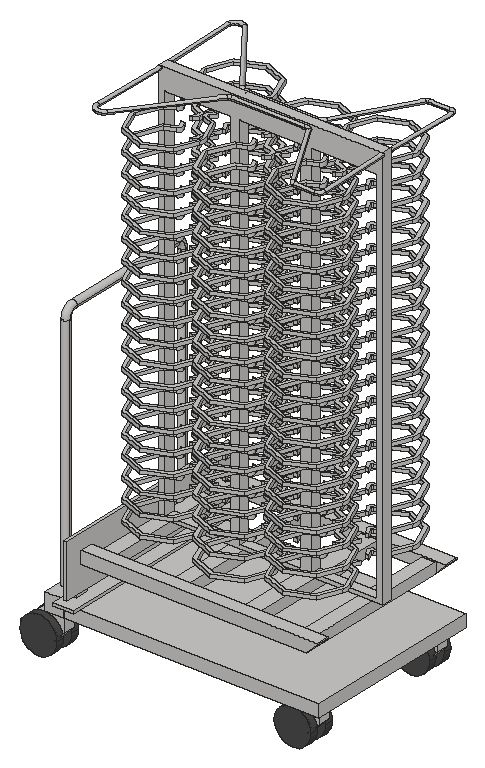
Revit family "QF_ELECTROLUXPROFESSIONAL_922764_TRBA116PL2021C", category Attrezzature speciali, Revit 2020 (continued)
Automatic sketch dimensions
  Extrusion 62 sketch curve to Extrusion 62 sketch curve = 34.52 mm
  Extrusion 62 sketch curve to plane 14 = 23.461 mm
  Extrusion 62 sketch curve to Extrusion 62 sketch curve = 0.634 mm
  Extrusion 62 sketch curve to plane 14 = 12.859 mm
  Extrusion 62 sketch curve to Extrusion 62 sketch curve = 5.47 mm  (x2)
  plane 23 to Extrusion 62 sketch curve = 44.113 mm
  Extrusion 62 sketch curve to Extrusion 62 sketch curve = 7.067 mm
  Extrusion 62 sketch curve to plane 125 = 1.889 mm
  Extrusion 62 sketch curve to Extrusion 62 sketch curve = 33.003 mm
  Extrusion 62 sketch curve to plane 125 = 16.292 mm
  Extrusion 62 sketch curve to Extrusion 62 sketch curve = 3.823 mm
  plane 125 to Extrusion 62 sketch curve = 14.321 mm
  Extrusion 62 sketch curve to Extrusion 62 sketch curve = 0.26 mm
  Extrusion 62 sketch curve to Extrusion 62 sketch curve = 0.931 mm
  Extrusion 62 sketch curve to Extrusion 62 sketch curve = 14.355 mm
  Extrusion 62 sketch curve to Extrusion 62 sketch curve = 8.956 mm
  Extrusion 62 sketch curve to Extrusion 62 sketch curve = 8.823 mm
  Extrusion 62 sketch curve to plane 14 = 19.797 mm
  plane 14 to Extrusion 62 sketch curve = 12.573 mm
  Extrusion 62 sketch curve to Extrusion 62 sketch curve = 10.291 mm
  Extrusion 63 sketch curve to plane 127 = 0 mm
  plane 23 to Extrusion 63 sketch curve = 0 mm  (x2)
  Extrusion 63 sketch curve to plane 128 = 0 mm
  plane 128 to Extrusion 63 sketch curve = 1.038 mm
  plane 23 to Extrusion 63 sketch curve = 17.086 mm
  plane 128 to Extrusion 63 sketch curve = 38.719 mm
  Extrusion 63 sketch curve to Extrusion 63 sketch curve = 7.361 mm
  Extrusion 63 sketch curve to Extrusion 63 sketch curve = 9.865 mm
  plane 23 to Extrusion 63 sketch curve = 21.155 mm
  Extrusion 63 sketch curve to Extrusion 63 sketch curve = 10.657 mm
  Extrusion 63 sketch curve to Extrusion 63 sketch curve = 2.333 mm
  plane 23 to Extrusion 63 sketch curve = 28.29 mm
  Extrusion 63 sketch curve to Extrusion 63 sketch curve = 0.12 mm
  Extrusion 63 sketch curve to Extrusion 63 sketch curve = 1.997 mm
  Extrusion 63 sketch curve to Extrusion 63 sketch curve = 13.006 mm  (x2)
  Extrusion 63 sketch curve to plane 14 = 19.797 mm
  plane 6 to Extrusion 63 sketch curve = 48.776 mm
  Extrusion 63 sketch curve to Extrusion 63 sketch curve = 32.378 mm
  plane 127 to Extrusion 63 sketch curve = 0.677 mm
  plane 6 to Extrusion 63 sketch curve = 43.856 mm
  Extrusion 63 sketch curve to Extrusion 63 sketch curve = 8.823 mm  (x2)
  Extrusion 63 sketch curve to plane 14 = 14.327 mm
  Extrusion 63 sketch curve to Extrusion 63 sketch curve = 12.491 mm
  plane 6 to Extrusion 63 sketch curve = 12.706 mm
  plane 6 to Extrusion 63 sketch curve = 7.03 mm
  plane 6 to Extrusion 63 sketch curve = 6.775 mm
  plane 23 to Extrusion 63 sketch curve = 16.976 mm
  Extrusion 63 sketch curve to plane 128 = 40.033 mm
  Extrusion 63 sketch curve to Extrusion 63 sketch curve = 7.129 mm
  Extrusion 63 sketch curve to Extrusion 63 sketch curve = 9.801 mm
  plane 23 to Extrusion 63 sketch curve = 21.716 mm
  Extrusion 63 sketch curve to Extrusion 63 sketch curve = 10.269 mm
  plane 23 to Extrusion 63 sketch curve = 28.819 mm
  Extrusion 63 sketch curve to Extrusion 63 sketch curve = 2.378 mm
  Extrusion 63 sketch curve to Extrusion 63 sketch curve = 2.721 mm
  Extrusion 63 sketch curve to Extrusion 63 sketch curve = 1.609 mm
  Extrusion 63 sketch curve to plane 127 = 0.677 mm
  Extrusion 63 sketch curve to plane 128 = 81.177 mm
  Extrusion 63 sketch curve to Extrusion 63 sketch curve = 34.52 mm
  Extrusion 63 sketch curve to plane 14 = 23.461 mm
  Extrusion 63 sketch curve to Extrusion 63 sketch curve = 0.634 mm
  Extrusion 63 sketch curve to plane 14 = 12.859 mm
  Extrusion 63 sketch curve to Extrusion 63 sketch curve = 5.47 mm
  plane 23 to Extrusion 63 sketch curve = 44.113 mm
  Extrusion 63 sketch curve to Extrusion 63 sketch curve = 7.067 mm
  Extrusion 63 sketch curve to plane 127 = 1.889 mm
  Extrusion 63 sketch curve to Extrusion 63 sketch curve = 33.003 mm
  Extrusion 63 sketch curve to plane 127 = 16.292 mm
  Extrusion 63 sketch curve to Extrusion 63 sketch curve = 3.823 mm
  plane 127 to Extrusion 63 sketch curve = 14.321 mm
  Extrusion 63 sketch curve to Extrusion 63 sketch curve = 0.26 mm
  Extrusion 63 sketch curve to Extrusion 63 sketch curve = 0.931 mm
  Extrusion 63 sketch curve to Extrusion 63 sketch curve = 14.355 mm
  Extrusion 63 sketch curve to Extrusion 63 sketch curve = 8.956 mm
  plane 127 to Extrusion 63 sketch curve = 16.292 mm
  plane 14 to Extrusion 63 sketch curve = 12.573 mm
  Extrusion 63 sketch curve to Extrusion 63 sketch curve = 10.291 mm
  plane 129 to Extrusion 64 sketch curve = 0 mm
  plane 24 to Extrusion 64 sketch curve = 0 mm  (x2)
  Extrusion 64 sketch curve to plane 130 = 0 mm
  Extrusion 64 sketch curve to plane 130 = 1.038 mm
  plane 24 to Extrusion 64 sketch curve = 17.086 mm
  Extrusion 64 sketch curve to plane 130 = 38.719 mm
  Extrusion 64 sketch curve to Extrusion 64 sketch curve = 7.361 mm
  Extrusion 64 sketch curve to Extrusion 64 sketch curve = 9.865 mm
  plane 24 to Extrusion 64 sketch curve = 21.155 mm
  Extrusion 64 sketch curve to Extrusion 64 sketch curve = 10.657 mm
  Extrusion 64 sketch curve to Extrusion 64 sketch curve = 2.333 mm
  plane 24 to Extrusion 64 sketch curve = 28.29 mm
  Extrusion 64 sketch curve to Extrusion 64 sketch curve = 0.12 mm
  Extrusion 64 sketch curve to Extrusion 64 sketch curve = 1.997 mm
  Extrusion 64 sketch curve to Extrusion 64 sketch curve = 13.006 mm  (x2)
  Extrusion 64 sketch curve to plane 21 = 19.305 mm
  Extrusion 64 sketch curve to plane 21 = 17.105 mm
  Extrusion 64 sketch curve to plane 129 = 0.677 mm
  Extrusion 64 sketch curve to plane 21 = 14.385 mm
  Extrusion 64 sketch curve to plane 21 = 8.282 mm
  Extrusion 64 sketch curve to plane 21 = 6.814 mm
  plane 21 to Extrusion 64 sketch curve = 16.765 mm
  Extrusion 64 sketch curve to Extrusion 64 sketch curve = 5.676 mm
  plane 129 to Extrusion 64 sketch curve = 14.321 mm
  Extrusion 64 sketch curve to Extrusion 64 sketch curve = 5.931 mm
  plane 24 to Extrusion 64 sketch curve = 16.976 mm
  plane 130 to Extrusion 64 sketch curve = 40.033 mm
  Extrusion 64 sketch curve to Extrusion 64 sketch curve = 7.129 mm
  Extrusion 64 sketch curve to Extrusion 64 sketch curve = 9.801 mm
  plane 24 to Extrusion 64 sketch curve = 21.716 mm
  Extrusion 64 sketch curve to Extrusion 64 sketch curve = 10.269 mm
  plane 24 to Extrusion 64 sketch curve = 28.819 mm
  Extrusion 64 sketch curve to Extrusion 64 sketch curve = 2.378 mm
  Extrusion 64 sketch curve to Extrusion 64 sketch curve = 2.721 mm
  Extrusion 64 sketch curve to Extrusion 64 sketch curve = 1.609 mm
  plane 129 to Extrusion 64 sketch curve = 0.677 mm
  plane 130 to Extrusion 64 sketch curve = 81.177 mm
  Extrusion 64 sketch curve to Extrusion 64 sketch curve = 34.52 mm
  Extrusion 64 sketch curve to plane 15 = 23.461 mm
  Extrusion 64 sketch curve to Extrusion 64 sketch curve = 0.634 mm
  Extrusion 64 sketch curve to plane 15 = 12.859 mm
  Extrusion 64 sketch curve to Extrusion 64 sketch curve = 5.47 mm  (x2)
  plane 24 to Extrusion 64 sketch curve = 44.113 mm
  Extrusion 64 sketch curve to Extrusion 64 sketch curve = 7.067 mm
  plane 129 to Extrusion 64 sketch curve = 1.889 mm
  Extrusion 64 sketch curve to Extrusion 64 sketch curve = 33.003 mm
  plane 129 to Extrusion 64 sketch curve = 16.292 mm
  Extrusion 64 sketch curve to Extrusion 64 sketch curve = 3.823 mm
  Extrusion 64 sketch curve to plane 129 = 14.321 mm
  Extrusion 64 sketch curve to Extrusion 64 sketch curve = 0.26 mm
  Extrusion 64 sketch curve to Extrusion 64 sketch curve = 0.931 mm
  Extrusion 64 sketch curve to Extrusion 64 sketch curve = 14.355 mm
  Extrusion 64 sketch curve to Extrusion 64 sketch curve = 8.956 mm
  Extrusion 64 sketch curve to Extrusion 64 sketch curve = 8.823 mm
  Extrusion 64 sketch curve to plane 15 = 19.797 mm
  plane 15 to Extrusion 64 sketch curve = 12.573 mm
  Extrusion 64 sketch curve to Extrusion 64 sketch curve = 10.291 mm
  plane 131 to Extrusion 65 sketch curve = 0 mm
  plane 24 to Extrusion 65 sketch curve = 0 mm  (x2)
  Extrusion 65 sketch curve to plane 132 = 0 mm
  Extrusion 65 sketch curve to plane 132 = 1.038 mm
  plane 24 to Extrusion 65 sketch curve = 17.086 mm
  Extrusion 65 sketch curve to plane 132 = 38.719 mm
  Extrusion 65 sketch curve to Extrusion 65 sketch curve = 7.361 mm
  Extrusion 65 sketch curve to Extrusion 65 sketch curve = 9.865 mm
  plane 24 to Extrusion 65 sketch curve = 21.155 mm
  Extrusion 65 sketch curve to Extrusion 65 sketch curve = 10.657 mm
  Extrusion 65 sketch curve to Extrusion 65 sketch curve = 2.333 mm
  plane 24 to Extrusion 65 sketch curve = 28.29 mm
  Extrusion 65 sketch curve to Extrusion 65 sketch curve = 0.12 mm
  Extrusion 65 sketch curve to Extrusion 65 sketch curve = 1.997 mm
  Extrusion 65 sketch curve to Extrusion 65 sketch curve = 13.006 mm  (x2)
  Extrusion 65 sketch curve to plane 15 = 19.797 mm
  Extrusion 65 sketch curve to plane 6 = 48.776 mm
  Extrusion 65 sketch curve to Extrusion 65 sketch curve = 32.378 mm
  Extrusion 65 sketch curve to plane 131 = 0.677 mm
  Extrusion 65 sketch curve to plane 6 = 43.856 mm
  Extrusion 65 sketch curve to Extrusion 65 sketch curve = 8.823 mm  (x2)
  Extrusion 65 sketch curve to plane 15 = 14.327 mm
  Extrusion 65 sketch curve to Extrusion 65 sketch curve = 12.491 mm
  Extrusion 65 sketch curve to plane 6 = 12.706 mm
  Extrusion 65 sketch curve to plane 6 = 7.03 mm
  Extrusion 65 sketch curve to plane 6 = 6.775 mm
  plane 24 to Extrusion 65 sketch curve = 16.976 mm
  plane 132 to Extrusion 65 sketch curve = 40.033 mm
  Extrusion 65 sketch curve to Extrusion 65 sketch curve = 7.129 mm
  Extrusion 65 sketch curve to Extrusion 65 sketch curve = 9.801 mm
  plane 24 to Extrusion 65 sketch curve = 21.716 mm
  Extrusion 65 sketch curve to Extrusion 65 sketch curve = 10.269 mm
  plane 24 to Extrusion 65 sketch curve = 28.819 mm
  Extrusion 65 sketch curve to Extrusion 65 sketch curve = 2.378 mm
  Extrusion 65 sketch curve to Extrusion 65 sketch curve = 2.721 mm
  Extrusion 65 sketch curve to Extrusion 65 sketch curve = 1.609 mm
  plane 131 to Extrusion 65 sketch curve = 0.677 mm
  plane 132 to Extrusion 65 sketch curve = 81.177 mm
  Extrusion 65 sketch curve to Extrusion 65 sketch curve = 34.52 mm
  Extrusion 65 sketch curve to plane 15 = 23.461 mm
  Extrusion 65 sketch curve to Extrusion 65 sketch curve = 0.634 mm
  Extrusion 65 sketch curve to plane 15 = 12.859 mm
  Extrusion 65 sketch curve to Extrusion 65 sketch curve = 5.47 mm
  plane 24 to Extrusion 65 sketch curve = 44.113 mm
  Extrusion 65 sketch curve to Extrusion 65 sketch curve = 7.067 mm
  plane 131 to Extrusion 65 sketch curve = 1.889 mm
  Extrusion 65 sketch curve to Extrusion 65 sketch curve = 33.003 mm
  plane 131 to Extrusion 65 sketch curve = 16.292 mm
  Extrusion 65 sketch curve to Extrusion 65 sketch curve = 3.823 mm
  Extrusion 65 sketch curve to plane 131 = 14.321 mm
  Extrusion 65 sketch curve to Extrusion 65 sketch curve = 0.26 mm
  Extrusion 65 sketch curve to Extrusion 65 sketch curve = 0.931 mm
  Extrusion 65 sketch curve to Extrusion 65 sketch curve = 14.355 mm
  Extrusion 65 sketch curve to Extrusion 65 sketch curve = 8.956 mm
  Extrusion 65 sketch curve to plane 131 = 16.292 mm
  plane 15 to Extrusion 65 sketch curve = 12.573 mm
  Extrusion 65 sketch curve to Extrusion 65 sketch curve = 10.291 mm
  Extrusion 66 sketch curve to plane 133 = 0 mm
  plane 23 to Extrusion 66 sketch curve = 0 mm  (x2)
  Extrusion 66 sketch curve to plane 134 = 0 mm
  plane 134 to Extrusion 66 sketch curve = 1.038 mm
  plane 23 to Extrusion 66 sketch curve = 17.086 mm
  plane 134 to Extrusion 66 sketch curve = 38.719 mm
  Extrusion 66 sketch curve to Extrusion 66 sketch curve = 7.361 mm
  Extrusion 66 sketch curve to Extrusion 66 sketch curve = 9.865 mm
  plane 23 to Extrusion 66 sketch curve = 21.155 mm
  Extrusion 66 sketch curve to Extrusion 66 sketch curve = 10.657 mm
  Extrusion 66 sketch curve to Extrusion 66 sketch curve = 2.333 mm
  plane 23 to Extrusion 66 sketch curve = 28.29 mm
  Extrusion 66 sketch curve to Extrusion 66 sketch curve = 0.12 mm
  Extrusion 66 sketch curve to Extrusion 66 sketch curve = 1.997 mm
  Extrusion 66 sketch curve to Extrusion 66 sketch curve = 13.006 mm  (x2)
  plane 21 to Extrusion 66 sketch curve = 19.305 mm
  plane 21 to Extrusion 66 sketch curve = 17.105 mm
  plane 133 to Extrusion 66 sketch curve = 0.677 mm
  plane 21 to Extrusion 66 sketch curve = 14.385 mm
  plane 21 to Extrusion 66 sketch curve = 8.282 mm
  plane 21 to Extrusion 66 sketch curve = 6.814 mm
  Extrusion 66 sketch curve to plane 21 = 16.765 mm
  Extrusion 66 sketch curve to Extrusion 66 sketch curve = 5.676 mm
  Extrusion 66 sketch curve to plane 133 = 14.321 mm
  Extrusion 66 sketch curve to Extrusion 66 sketch curve = 5.931 mm
  plane 23 to Extrusion 66 sketch curve = 16.976 mm
  Extrusion 66 sketch curve to plane 134 = 40.033 mm
  Extrusion 66 sketch curve to Extrusion 66 sketch curve = 7.129 mm
  Extrusion 66 sketch curve to Extrusion 66 sketch curve = 9.801 mm
  plane 23 to Extrusion 66 sketch curve = 21.716 mm
  Extrusion 66 sketch curve to Extrusion 66 sketch curve = 10.269 mm
  plane 23 to Extrusion 66 sketch curve = 28.819 mm
  Extrusion 66 sketch curve to Extrusion 66 sketch curve = 2.378 mm
  Extrusion 66 sketch curve to Extrusion 66 sketch curve = 2.721 mm
  Extrusion 66 sketch curve to Extrusion 66 sketch curve = 1.609 mm
  Extrusion 66 sketch curve to plane 133 = 0.677 mm
  Extrusion 66 sketch curve to plane 134 = 81.177 mm
  Extrusion 66 sketch curve to Extrusion 66 sketch curve = 34.52 mm
  Extrusion 66 sketch curve to plane 14 = 23.461 mm
  Extrusion 66 sketch curve to Extrusion 66 sketch curve = 0.634 mm
  Extrusion 66 sketch curve to plane 14 = 12.859 mm
  Extrusion 66 sketch curve to Extrusion 66 sketch curve = 5.47 mm  (x2)
  plane 23 to Extrusion 66 sketch curve = 44.113 mm
  Extrusion 66 sketch curve to Extrusion 66 sketch curve = 7.067 mm
  Extrusion 66 sketch curve to plane 133 = 1.889 mm
  Extrusion 66 sketch curve to Extrusion 66 sketch curve = 33.003 mm
  Extrusion 66 sketch curve to plane 133 = 16.292 mm
  Extrusion 66 sketch curve to Extrusion 66 sketch curve = 3.823 mm
  plane 133 to Extrusion 66 sketch curve = 14.321 mm
  Extrusion 66 sketch curve to Extrusion 66 sketch curve = 0.26 mm
  Extrusion 66 sketch curve to Extrusion 66 sketch curve = 0.931 mm
  Extrusion 66 sketch curve to Extrusion 66 sketch curve = 14.355 mm
  Extrusion 66 sketch curve to Extrusion 66 sketch curve = 8.956 mm
  Extrusion 66 sketch curve to Extrusion 66 sketch curve = 8.823 mm
  Extrusion 66 sketch curve to plane 14 = 19.797 mm
  plane 14 to Extrusion 66 sketch curve = 12.573 mm
  Extrusion 66 sketch curve to Extrusion 66 sketch curve = 10.291 mm
  Extrusion 67 sketch curve to plane 135 = 0 mm
  plane 23 to Extrusion 67 sketch curve = 0 mm  (x2)
  Extrusion 67 sketch curve to plane 136 = 0 mm
  plane 136 to Extrusion 67 sketch curve = 1.038 mm
  plane 23 to Extrusion 67 sketch curve = 17.086 mm
  plane 136 to Extrusion 67 sketch curve = 38.719 mm
  Extrusion 67 sketch curve to Extrusion 67 sketch curve = 7.361 mm
  Extrusion 67 sketch curve to Extrusion 67 sketch curve = 9.865 mm
  plane 23 to Extrusion 67 sketch curve = 21.155 mm
  Extrusion 67 sketch curve to Extrusion 67 sketch curve = 10.657 mm
  Extrusion 67 sketch curve to Extrusion 67 sketch curve = 2.333 mm
  plane 23 to Extrusion 67 sketch curve = 28.29 mm
  Extrusion 67 sketch curve to Extrusion 67 sketch curve = 0.12 mm
  Extrusion 67 sketch curve to Extrusion 67 sketch curve = 1.997 mm
  Extrusion 67 sketch curve to Extrusion 67 sketch curve = 13.006 mm  (x2)
  Extrusion 67 sketch curve to plane 14 = 19.797 mm
  plane 6 to Extrusion 67 sketch curve = 48.776 mm
  Extrusion 67 sketch curve to Extrusion 67 sketch curve = 32.378 mm
  plane 135 to Extrusion 67 sketch curve = 0.677 mm
  plane 6 to Extrusion 67 sketch curve = 43.856 mm
  Extrusion 67 sketch curve to Extrusion 67 sketch curve = 8.823 mm  (x2)
  Extrusion 67 sketch curve to plane 14 = 14.327 mm
  Extrusion 67 sketch curve to Extrusion 67 sketch curve = 12.491 mm
  plane 6 to Extrusion 67 sketch curve = 12.706 mm
  plane 6 to Extrusion 67 sketch curve = 7.03 mm
  plane 6 to Extrusion 67 sketch curve = 6.775 mm
  plane 23 to Extrusion 67 sketch curve = 16.976 mm
  Extrusion 67 sketch curve to plane 136 = 40.033 mm
  Extrusion 67 sketch curve to Extrusion 67 sketch curve = 7.129 mm
  Extrusion 67 sketch curve to Extrusion 67 sketch curve = 9.801 mm
  plane 23 to Extrusion 67 sketch curve = 21.716 mm
  Extrusion 67 sketch curve to Extrusion 67 sketch curve = 10.269 mm
  plane 23 to Extrusion 67 sketch curve = 28.819 mm
  Extrusion 67 sketch curve to Extrusion 67 sketch curve = 2.378 mm
  Extrusion 67 sketch curve to Extrusion 67 sketch curve = 2.721 mm
  Extrusion 67 sketch curve to Extrusion 67 sketch curve = 1.609 mm
  Extrusion 67 sketch curve to plane 135 = 0.677 mm
  Extrusion 67 sketch curve to plane 136 = 81.177 mm
  Extrusion 67 sketch curve to Extrusion 67 sketch curve = 34.52 mm
  Extrusion 67 sketch curve to plane 14 = 23.461 mm
  Extrusion 67 sketch curve to Extrusion 67 sketch curve = 0.634 mm
  Extrusion 67 sketch curve to plane 14 = 12.859 mm
  Extrusion 67 sketch curve to Extrusion 67 sketch curve = 5.47 mm
  plane 23 to Extrusion 67 sketch curve = 44.113 mm
  Extrusion 67 sketch curve to Extrusion 67 sketch curve = 7.067 mm
  Extrusion 67 sketch curve to plane 135 = 1.889 mm
  Extrusion 67 sketch curve to Extrusion 67 sketch curve = 33.003 mm
  Extrusion 67 sketch curve to plane 135 = 16.292 mm
  Extrusion 67 sketch curve to Extrusion 67 sketch curve = 3.823 mm
  plane 135 to Extrusion 67 sketch curve = 14.321 mm
  Extrusion 67 sketch curve to Extrusion 67 sketch curve = 0.26 mm
  Extrusion 67 sketch curve to Extrusion 67 sketch curve = 0.931 mm
  Extrusion 67 sketch curve to Extrusion 67 sketch curve = 14.355 mm
  Extrusion 67 sketch curve to Extrusion 67 sketch curve = 8.956 mm
  plane 135 to Extrusion 67 sketch curve = 16.292 mm
  plane 14 to Extrusion 67 sketch curve = 12.573 mm
  Extrusion 67 sketch curve to Extrusion 67 sketch curve = 10.291 mm
  plane 137 to Extrusion 68 sketch curve = 0 mm
  plane 24 to Extrusion 68 sketch curve = 0 mm  (x2)
  Extrusion 68 sketch curve to plane 138 = 0 mm
  Extrusion 68 sketch curve to plane 138 = 1.038 mm
  plane 24 to Extrusion 68 sketch curve = 17.086 mm
  Extrusion 68 sketch curve to plane 138 = 38.719 mm
  Extrusion 68 sketch curve to Extrusion 68 sketch curve = 7.361 mm
  Extrusion 68 sketch curve to Extrusion 68 sketch curve = 9.865 mm
  plane 24 to Extrusion 68 sketch curve = 21.155 mm
  Extrusion 68 sketch curve to Extrusion 68 sketch curve = 10.657 mm
  Extrusion 68 sketch curve to Extrusion 68 sketch curve = 2.333 mm
  plane 24 to Extrusion 68 sketch curve = 28.29 mm
  Extrusion 68 sketch curve to Extrusion 68 sketch curve = 0.12 mm
  Extrusion 68 sketch curve to Extrusion 68 sketch curve = 1.997 mm
  Extrusion 68 sketch curve to Extrusion 68 sketch curve = 13.006 mm  (x2)
  Extrusion 68 sketch curve to plane 21 = 19.305 mm
  Extrusion 68 sketch curve to plane 21 = 17.105 mm
  Extrusion 68 sketch curve to plane 137 = 0.677 mm
  Extrusion 68 sketch curve to plane 21 = 14.385 mm
  Extrusion 68 sketch curve to plane 21 = 8.282 mm
  Extrusion 68 sketch curve to plane 21 = 6.814 mm
  plane 21 to Extrusion 68 sketch curve = 16.765 mm
  Extrusion 68 sketch curve to Extrusion 68 sketch curve = 5.676 mm
  plane 137 to Extrusion 68 sketch curve = 14.321 mm
  Extrusion 68 sketch curve to Extrusion 68 sketch curve = 5.931 mm
  plane 24 to Extrusion 68 sketch curve = 16.976 mm
  plane 138 to Extrusion 68 sketch curve = 40.033 mm
  Extrusion 68 sketch curve to Extrusion 68 sketch curve = 7.129 mm
  Extrusion 68 sketch curve to Extrusion 68 sketch curve = 9.801 mm
  plane 24 to Extrusion 68 sketch curve = 21.716 mm
  Extrusion 68 sketch curve to Extrusion 68 sketch curve = 10.269 mm
  plane 24 to Extrusion 68 sketch curve = 28.819 mm
  Extrusion 68 sketch curve to Extrusion 68 sketch curve = 2.378 mm
  Extrusion 68 sketch curve to Extrusion 68 sketch curve = 2.721 mm
  Extrusion 68 sketch curve to Extrusion 68 sketch curve = 1.609 mm
  plane 137 to Extrusion 68 sketch curve = 0.677 mm
  plane 138 to Extrusion 68 sketch curve = 81.177 mm
  Extrusion 68 sketch curve to Extrusion 68 sketch curve = 34.52 mm
  Extrusion 68 sketch curve to plane 15 = 23.461 mm
  Extrusion 68 sketch curve to Extrusion 68 sketch curve = 0.634 mm
  Extrusion 68 sketch curve to plane 15 = 12.859 mm
  Extrusion 68 sketch curve to Extrusion 68 sketch curve = 5.47 mm  (x2)
  plane 24 to Extrusion 68 sketch curve = 44.113 mm
  Extrusion 68 sketch curve to Extrusion 68 sketch curve = 7.067 mm
  plane 137 to Extrusion 68 sketch curve = 1.889 mm
  Extrusion 68 sketch curve to Extrusion 68 sketch curve = 33.003 mm
  plane 137 to Extrusion 68 sketch curve = 16.292 mm
  Extrusion 68 sketch curve to Extrusion 68 sketch curve = 3.823 mm
  Extrusion 68 sketch curve to plane 137 = 14.321 mm
  Extrusion 68 sketch curve to Extrusion 68 sketch curve = 0.26 mm
  Extrusion 68 sketch curve to Extrusion 68 sketch curve = 0.931 mm
  Extrusion 68 sketch curve to Extrusion 68 sketch curve = 14.355 mm
  Extrusion 68 sketch curve to Extrusion 68 sketch curve = 8.956 mm
  Extrusion 68 sketch curve to Extrusion 68 sketch curve = 8.823 mm
  Extrusion 68 sketch curve to plane 15 = 19.797 mm
  plane 15 to Extrusion 68 sketch curve = 12.573 mm
  Extrusion 68 sketch curve to Extrusion 68 sketch curve = 10.291 mm
  plane 139 to Extrusion 69 sketch curve = 0 mm
  plane 24 to Extrusion 69 sketch curve = 0 mm  (x2)
  Extrusion 69 sketch curve to plane 140 = 0 mm
  Extrusion 69 sketch curve to plane 140 = 1.038 mm
  plane 24 to Extrusion 69 sketch curve = 17.086 mm
  Extrusion 69 sketch curve to plane 140 = 38.719 mm
  Extrusion 69 sketch curve to Extrusion 69 sketch curve = 7.361 mm
  Extrusion 69 sketch curve to Extrusion 69 sketch curve = 9.865 mm
  plane 24 to Extrusion 69 sketch curve = 21.155 mm
  Extrusion 69 sketch curve to Extrusion 69 sketch curve = 10.657 mm
  Extrusion 69 sketch curve to Extrusion 69 sketch curve = 2.333 mm
  plane 24 to Extrusion 69 sketch curve = 28.29 mm
  Extrusion 69 sketch curve to Extrusion 69 sketch curve = 0.12 mm
  Extrusion 69 sketch curve to Extrusion 69 sketch curve = 1.997 mm
  Extrusion 69 sketch curve to Extrusion 69 sketch curve = 13.006 mm  (x2)
  Extrusion 69 sketch curve to plane 15 = 19.797 mm
  Extrusion 69 sketch curve to plane 6 = 48.776 mm
  Extrusion 69 sketch curve to Extrusion 69 sketch curve = 32.378 mm
  Extrusion 69 sketch curve to plane 139 = 0.677 mm
  Extrusion 69 sketch curve to plane 6 = 43.856 mm
  Extrusion 69 sketch curve to Extrusion 69 sketch curve = 8.823 mm  (x2)
  Extrusion 69 sketch curve to plane 15 = 14.327 mm
  Extrusion 69 sketch curve to Extrusion 69 sketch curve = 12.491 mm
  Extrusion 69 sketch curve to plane 6 = 12.706 mm
  Extrusion 69 sketch curve to plane 6 = 7.03 mm
  Extrusion 69 sketch curve to plane 6 = 6.775 mm
  plane 24 to Extrusion 69 sketch curve = 16.976 mm
  plane 140 to Extrusion 69 sketch curve = 40.033 mm
  Extrusion 69 sketch curve to Extrusion 69 sketch curve = 7.129 mm
  Extrusion 69 sketch curve to Extrusion 69 sketch curve = 9.801 mm
  plane 24 to Extrusion 69 sketch curve = 21.716 mm
  Extrusion 69 sketch curve to Extrusion 69 sketch curve = 10.269 mm
  plane 24 to Extrusion 69 sketch curve = 28.819 mm
  Extrusion 69 sketch curve to Extrusion 69 sketch curve = 2.378 mm
  Extrusion 69 sketch curve to Extrusion 69 sketch curve = 2.721 mm
  Extrusion 69 sketch curve to Extrusion 69 sketch curve = 1.609 mm
  plane 139 to Extrusion 69 sketch curve = 0.677 mm
  plane 140 to Extrusion 69 sketch curve = 81.177 mm
  Extrusion 69 sketch curve to Extrusion 69 sketch curve = 34.52 mm
  Extrusion 69 sketch curve to plane 15 = 23.461 mm
  Extrusion 69 sketch curve to Extrusion 69 sketch curve = 0.634 mm
  Extrusion 69 sketch curve to plane 15 = 12.859 mm
  Extrusion 69 sketch curve to Extrusion 69 sketch curve = 5.47 mm
  plane 24 to Extrusion 69 sketch curve = 44.113 mm
  Extrusion 69 sketch curve to Extrusion 69 sketch curve = 7.067 mm
  plane 139 to Extrusion 69 sketch curve = 1.889 mm
  Extrusion 69 sketch curve to Extrusion 69 sketch curve = 33.003 mm
  plane 139 to Extrusion 69 sketch curve = 16.292 mm
  Extrusion 69 sketch curve to Extrusion 69 sketch curve = 3.823 mm
  Extrusion 69 sketch curve to plane 139 = 14.321 mm
  Extrusion 69 sketch curve to Extrusion 69 sketch curve = 0.26 mm
  Extrusion 69 sketch curve to Extrusion 69 sketch curve = 0.931 mm
  Extrusion 69 sketch curve to Extrusion 69 sketch curve = 14.355 mm
  Extrusion 69 sketch curve to Extrusion 69 sketch curve = 8.956 mm
  Extrusion 69 sketch curve to plane 139 = 16.292 mm
  plane 15 to Extrusion 69 sketch curve = 12.573 mm
  Extrusion 69 sketch curve to Extrusion 69 sketch curve = 10.291 mm
  Extrusion 70 sketch curve to plane 141 = 0 mm
  plane 23 to Extrusion 70 sketch curve = 0 mm  (x2)
  Extrusion 70 sketch curve to plane 142 = 0 mm
  plane 142 to Extrusion 70 sketch curve = 1.038 mm
  plane 23 to Extrusion 70 sketch curve = 17.086 mm
  plane 142 to Extrusion 70 sketch curve = 38.719 mm
  Extrusion 70 sketch curve to Extrusion 70 sketch curve = 7.361 mm
  Extrusion 70 sketch curve to Extrusion 70 sketch curve = 9.865 mm
  plane 23 to Extrusion 70 sketch curve = 21.155 mm
  Extrusion 70 sketch curve to Extrusion 70 sketch curve = 10.657 mm
  Extrusion 70 sketch curve to Extrusion 70 sketch curve = 2.333 mm
  plane 23 to Extrusion 70 sketch curve = 28.29 mm
  Extrusion 70 sketch curve to Extrusion 70 sketch curve = 0.12 mm
  Extrusion 70 sketch curve to Extrusion 70 sketch curve = 1.997 mm
  Extrusion 70 sketch curve to Extrusion 70 sketch curve = 13.006 mm  (x2)
  plane 21 to Extrusion 70 sketch curve = 19.305 mm
  plane 21 to Extrusion 70 sketch curve = 17.105 mm
  plane 141 to Extrusion 70 sketch curve = 0.677 mm
  plane 21 to Extrusion 70 sketch curve = 14.385 mm
  plane 21 to Extrusion 70 sketch curve = 8.282 mm
  plane 21 to Extrusion 70 sketch curve = 6.814 mm
  Extrusion 70 sketch curve to plane 21 = 16.765 mm
  Extrusion 70 sketch curve to Extrusion 70 sketch curve = 5.676 mm
  Extrusion 70 sketch curve to plane 141 = 14.321 mm
  Extrusion 70 sketch curve to Extrusion 70 sketch curve = 5.931 mm
  plane 23 to Extrusion 70 sketch curve = 16.976 mm
  Extrusion 70 sketch curve to plane 142 = 40.033 mm
  Extrusion 70 sketch curve to Extrusion 70 sketch curve = 7.129 mm
  Extrusion 70 sketch curve to Extrusion 70 sketch curve = 9.801 mm
  plane 23 to Extrusion 70 sketch curve = 21.716 mm
  Extrusion 70 sketch curve to Extrusion 70 sketch curve = 10.269 mm
  plane 23 to Extrusion 70 sketch curve = 28.819 mm
  Extrusion 70 sketch curve to Extrusion 70 sketch curve = 2.378 mm
  Extrusion 70 sketch curve to Extrusion 70 sketch curve = 2.721 mm
  Extrusion 70 sketch curve to Extrusion 70 sketch curve = 1.609 mm
  Extrusion 70 sketch curve to plane 141 = 0.677 mm
  Extrusion 70 sketch curve to plane 142 = 81.177 mm
  Extrusion 70 sketch curve to Extrusion 70 sketch curve = 34.52 mm
  Extrusion 70 sketch curve to plane 14 = 23.461 mm
  Extrusion 70 sketch curve to Extrusion 70 sketch curve = 0.634 mm
  Extrusion 70 sketch curve to plane 14 = 12.859 mm
  Extrusion 70 sketch curve to Extrusion 70 sketch curve = 5.47 mm  (x2)
  plane 23 to Extrusion 70 sketch curve = 44.113 mm
  Extrusion 70 sketch curve to Extrusion 70 sketch curve = 7.067 mm
  Extrusion 70 sketch curve to plane 141 = 1.889 mm
  Extrusion 70 sketch curve to Extrusion 70 sketch curve = 33.003 mm
  Extrusion 70 sketch curve to plane 141 = 16.292 mm
  Extrusion 70 sketch curve to Extrusion 70 sketch curve = 3.823 mm
  plane 141 to Extrusion 70 sketch curve = 14.321 mm
  Extrusion 70 sketch curve to Extrusion 70 sketch curve = 0.26 mm
  Extrusion 70 sketch curve to Extrusion 70 sketch curve = 0.931 mm
  Extrusion 70 sketch curve to Extrusion 70 sketch curve = 14.355 mm
  Extrusion 70 sketch curve to Extrusion 70 sketch curve = 8.956 mm
  Extrusion 70 sketch curve to Extrusion 70 sketch curve = 8.823 mm
  Extrusion 70 sketch curve to plane 14 = 19.797 mm
  plane 14 to Extrusion 70 sketch curve = 12.573 mm
  Extrusion 70 sketch curve to Extrusion 70 sketch curve = 10.291 mm
  Extrusion 71 sketch curve to plane 143 = 0 mm
  plane 23 to Extrusion 71 sketch curve = 0 mm  (x2)
  Extrusion 71 sketch curve to plane 144 = 0 mm
  plane 144 to Extrusion 71 sketch curve = 1.038 mm
  plane 23 to Extrusion 71 sketch curve = 17.086 mm
  plane 144 to Extrusion 71 sketch curve = 38.719 mm
  Extrusion 71 sketch curve to Extrusion 71 sketch curve = 7.361 mm
  Extrusion 71 sketch curve to Extrusion 71 sketch curve = 9.865 mm
  plane 23 to Extrusion 71 sketch curve = 21.155 mm
  Extrusion 71 sketch curve to Extrusion 71 sketch curve = 10.657 mm
  Extrusion 71 sketch curve to Extrusion 71 sketch curve = 2.333 mm
  plane 23 to Extrusion 71 sketch curve = 28.29 mm
  Extrusion 71 sketch curve to Extrusion 71 sketch curve = 0.12 mm
  Extrusion 71 sketch curve to Extrusion 71 sketch curve = 1.997 mm
  Extrusion 71 sketch curve to Extrusion 71 sketch curve = 13.006 mm  (x2)
  Extrusion 71 sketch curve to plane 14 = 19.797 mm
  plane 6 to Extrusion 71 sketch curve = 48.776 mm
  Extrusion 71 sketch curve to Extrusion 71 sketch curve = 32.378 mm
  plane 143 to Extrusion 71 sketch curve = 0.677 mm
  plane 6 to Extrusion 71 sketch curve = 43.856 mm
  Extrusion 71 sketch curve to Extrusion 71 sketch curve = 8.823 mm  (x2)
  Extrusion 71 sketch curve to plane 14 = 14.327 mm
  Extrusion 71 sketch curve to Extrusion 71 sketch curve = 12.491 mm
  plane 6 to Extrusion 71 sketch curve = 12.706 mm
  plane 6 to Extrusion 71 sketch curve = 7.03 mm
  plane 6 to Extrusion 71 sketch curve = 6.775 mm
  plane 23 to Extrusion 71 sketch curve = 16.976 mm
  Extrusion 71 sketch curve to plane 144 = 40.033 mm
  Extrusion 71 sketch curve to Extrusion 71 sketch curve = 7.129 mm
  Extrusion 71 sketch curve to Extrusion 71 sketch curve = 9.801 mm
  plane 23 to Extrusion 71 sketch curve = 21.716 mm
  Extrusion 71 sketch curve to Extrusion 71 sketch curve = 10.269 mm
  plane 23 to Extrusion 71 sketch curve = 28.819 mm
  Extrusion 71 sketch curve to Extrusion 71 sketch curve = 2.378 mm
  Extrusion 71 sketch curve to Extrusion 71 sketch curve = 2.721 mm
  Extrusion 71 sketch curve to Extrusion 71 sketch curve = 1.609 mm
  Extrusion 71 sketch curve to plane 143 = 0.677 mm
  Extrusion 71 sketch curve to plane 144 = 81.177 mm
  Extrusion 71 sketch curve to Extrusion 71 sketch curve = 34.52 mm
  Extrusion 71 sketch curve to plane 14 = 23.461 mm
  Extrusion 71 sketch curve to Extrusion 71 sketch curve = 0.634 mm
  Extrusion 71 sketch curve to plane 14 = 12.859 mm
  Extrusion 71 sketch curve to Extrusion 71 sketch curve = 5.47 mm
  plane 23 to Extrusion 71 sketch curve = 44.113 mm
  Extrusion 71 sketch curve to Extrusion 71 sketch curve = 7.067 mm
  Extrusion 71 sketch curve to plane 143 = 1.889 mm
  Extrusion 71 sketch curve to Extrusion 71 sketch curve = 33.003 mm
  Extrusion 71 sketch curve to plane 143 = 16.292 mm
  Extrusion 71 sketch curve to Extrusion 71 sketch curve = 3.823 mm
  plane 143 to Extrusion 71 sketch curve = 14.321 mm
  Extrusion 71 sketch curve to Extrusion 71 sketch curve = 0.26 mm
  Extrusion 71 sketch curve to Extrusion 71 sketch curve = 0.931 mm
  Extrusion 71 sketch curve to Extrusion 71 sketch curve = 14.355 mm
  Extrusion 71 sketch curve to Extrusion 71 sketch curve = 8.956 mm
  plane 143 to Extrusion 71 sketch curve = 16.292 mm
  plane 14 to Extrusion 71 sketch curve = 12.573 mm
  Extrusion 71 sketch curve to Extrusion 71 sketch curve = 10.291 mm
  plane 145 to Extrusion 72 sketch curve = 0 mm
  plane 24 to Extrusion 72 sketch curve = 0 mm  (x2)
  Extrusion 72 sketch curve to plane 146 = 0 mm
  Extrusion 72 sketch curve to plane 146 = 1.038 mm
  plane 24 to Extrusion 72 sketch curve = 17.086 mm
  Extrusion 72 sketch curve to plane 146 = 38.719 mm
  Extrusion 72 sketch curve to Extrusion 72 sketch curve = 7.361 mm
  Extrusion 72 sketch curve to Extrusion 72 sketch curve = 9.865 mm
  plane 24 to Extrusion 72 sketch curve = 21.155 mm
  Extrusion 72 sketch curve to Extrusion 72 sketch curve = 10.657 mm
  Extrusion 72 sketch curve to Extrusion 72 sketch curve = 2.333 mm
  plane 24 to Extrusion 72 sketch curve = 28.29 mm
  Extrusion 72 sketch curve to Extrusion 72 sketch curve = 0.12 mm
  Extrusion 72 sketch curve to Extrusion 72 sketch curve = 1.997 mm
  Extrusion 72 sketch curve to Extrusion 72 sketch curve = 13.006 mm  (x2)
  Extrusion 72 sketch curve to plane 21 = 19.305 mm
  Extrusion 72 sketch curve to plane 21 = 17.105 mm
  Extrusion 72 sketch curve to plane 145 = 0.677 mm
  Extrusion 72 sketch curve to plane 21 = 14.385 mm
  Extrusion 72 sketch curve to plane 21 = 8.282 mm
  Extrusion 72 sketch curve to plane 21 = 6.814 mm
  plane 21 to Extrusion 72 sketch curve = 16.765 mm
  Extrusion 72 sketch curve to Extrusion 72 sketch curve = 5.676 mm
  plane 145 to Extrusion 72 sketch curve = 14.321 mm
  Extrusion 72 sketch curve to Extrusion 72 sketch curve = 5.931 mm
  plane 24 to Extrusion 72 sketch curve = 16.976 mm
  plane 146 to Extrusion 72 sketch curve = 40.033 mm
  Extrusion 72 sketch curve to Extrusion 72 sketch curve = 7.129 mm
  Extrusion 72 sketch curve to Extrusion 72 sketch curve = 9.801 mm
  plane 24 to Extrusion 72 sketch curve = 21.716 mm
  Extrusion 72 sketch curve to Extrusion 72 sketch curve = 10.269 mm
  plane 24 to Extrusion 72 sketch curve = 28.819 mm
  Extrusion 72 sketch curve to Extrusion 72 sketch curve = 2.378 mm
  Extrusion 72 sketch curve to Extrusion 72 sketch curve = 2.721 mm
  Extrusion 72 sketch curve to Extrusion 72 sketch curve = 1.609 mm
  plane 145 to Extrusion 72 sketch curve = 0.677 mm
  plane 146 to Extrusion 72 sketch curve = 81.177 mm
  Extrusion 72 sketch curve to Extrusion 72 sketch curve = 34.52 mm
  Extrusion 72 sketch curve to plane 15 = 23.461 mm
  Extrusion 72 sketch curve to Extrusion 72 sketch curve = 0.634 mm
  Extrusion 72 sketch curve to plane 15 = 12.859 mm
  Extrusion 72 sketch curve to Extrusion 72 sketch curve = 5.47 mm  (x2)
  plane 24 to Extrusion 72 sketch curve = 44.113 mm
  Extrusion 72 sketch curve to Extrusion 72 sketch curve = 7.067 mm
  plane 145 to Extrusion 72 sketch curve = 1.889 mm
  Extrusion 72 sketch curve to Extrusion 72 sketch curve = 33.003 mm
  plane 145 to Extrusion 72 sketch curve = 16.292 mm
  Extrusion 72 sketch curve to Extrusion 72 sketch curve = 3.823 mm
  Extrusion 72 sketch curve to plane 145 = 14.321 mm
  Extrusion 72 sketch curve to Extrusion 72 sketch curve = 0.26 mm
  Extrusion 72 sketch curve to Extrusion 72 sketch curve = 0.931 mm
  Extrusion 72 sketch curve to Extrusion 72 sketch curve = 14.355 mm
  Extrusion 72 sketch curve to Extrusion 72 sketch curve = 8.956 mm
  Extrusion 72 sketch curve to Extrusion 72 sketch curve = 8.823 mm
  Extrusion 72 sketch curve to plane 15 = 19.797 mm
  plane 15 to Extrusion 72 sketch curve = 12.573 mm
  Extrusion 72 sketch curve to Extrusion 72 sketch curve = 10.291 mm
  plane 147 to Extrusion 73 sketch curve = 0 mm
  plane 24 to Extrusion 73 sketch curve = 0 mm  (x2)
  Extrusion 73 sketch curve to plane 148 = 0 mm
  Extrusion 73 sketch curve to plane 148 = 1.038 mm
  plane 24 to Extrusion 73 sketch curve = 17.086 mm
  Extrusion 73 sketch curve to plane 148 = 38.719 mm
  Extrusion 73 sketch curve to Extrusion 73 sketch curve = 7.361 mm
  Extrusion 73 sketch curve to Extrusion 73 sketch curve = 9.865 mm
  plane 24 to Extrusion 73 sketch curve = 21.155 mm
  Extrusion 73 sketch curve to Extrusion 73 sketch curve = 10.657 mm
  Extrusion 73 sketch curve to Extrusion 73 sketch curve = 2.333 mm
  plane 24 to Extrusion 73 sketch curve = 28.29 mm
  Extrusion 73 sketch curve to Extrusion 73 sketch curve = 0.12 mm
  Extrusion 73 sketch curve to Extrusion 73 sketch curve = 1.997 mm
  Extrusion 73 sketch curve to Extrusion 73 sketch curve = 13.006 mm  (x2)
  Extrusion 73 sketch curve to plane 15 = 19.797 mm
  Extrusion 73 sketch curve to plane 6 = 48.776 mm
  Extrusion 73 sketch curve to Extrusion 73 sketch curve = 32.378 mm
  Extrusion 73 sketch curve to plane 147 = 0.677 mm
  Extrusion 73 sketch curve to plane 6 = 43.856 mm
  Extrusion 73 sketch curve to Extrusion 73 sketch curve = 8.823 mm  (x2)
  Extrusion 73 sketch curve to plane 15 = 14.327 mm
  Extrusion 73 sketch curve to Extrusion 73 sketch curve = 12.491 mm
  Extrusion 73 sketch curve to plane 6 = 12.706 mm
  Extrusion 73 sketch curve to plane 6 = 7.03 mm
  Extrusion 73 sketch curve to plane 6 = 6.775 mm
  plane 24 to Extrusion 73 sketch curve = 16.976 mm
  plane 148 to Extrusion 73 sketch curve = 40.033 mm
  Extrusion 73 sketch curve to Extrusion 73 sketch curve = 7.129 mm
  Extrusion 73 sketch curve to Extrusion 73 sketch curve = 9.801 mm
  plane 24 to Extrusion 73 sketch curve = 21.716 mm
  Extrusion 73 sketch curve to Extrusion 73 sketch curve = 10.269 mm
  plane 24 to Extrusion 73 sketch curve = 28.819 mm
  Extrusion 73 sketch curve to Extrusion 73 sketch curve = 2.378 mm
  Extrusion 73 sketch curve to Extrusion 73 sketch curve = 2.721 mm
  Extrusion 73 sketch curve to Extrusion 73 sketch curve = 1.609 mm
  plane 147 to Extrusion 73 sketch curve = 0.677 mm
  plane 148 to Extrusion 73 sketch curve = 81.177 mm
  Extrusion 73 sketch curve to Extrusion 73 sketch curve = 34.52 mm
  Extrusion 73 sketch curve to plane 15 = 23.461 mm
  Extrusion 73 sketch curve to Extrusion 73 sketch curve = 0.634 mm
  Extrusion 73 sketch curve to plane 15 = 12.859 mm
  Extrusion 73 sketch curve to Extrusion 73 sketch curve = 5.47 mm
  plane 24 to Extrusion 73 sketch curve = 44.113 mm
  Extrusion 73 sketch curve to Extrusion 73 sketch curve = 7.067 mm
  plane 147 to Extrusion 73 sketch curve = 1.889 mm
  Extrusion 73 sketch curve to Extrusion 73 sketch curve = 33.003 mm
  plane 147 to Extrusion 73 sketch curve = 16.292 mm
  Extrusion 73 sketch curve to Extrusion 73 sketch curve = 3.823 mm
  Extrusion 73 sketch curve to plane 147 = 14.321 mm
  Extrusion 73 sketch curve to Extrusion 73 sketch curve = 0.26 mm
  Extrusion 73 sketch curve to Extrusion 73 sketch curve = 0.931 mm
  Extrusion 73 sketch curve to Extrusion 73 sketch curve = 14.355 mm
  Extrusion 73 sketch curve to Extrusion 73 sketch curve = 8.956 mm
  Extrusion 73 sketch curve to plane 147 = 16.292 mm
  plane 15 to Extrusion 73 sketch curve = 12.573 mm
  Extrusion 73 sketch curve to Extrusion 73 sketch curve = 10.291 mm
  Extrusion 74 sketch curve to plane 149 = 0 mm
  plane 23 to Extrusion 74 sketch curve = 0 mm  (x2)
  Extrusion 74 sketch curve to plane 150 = 0 mm
  plane 150 to Extrusion 74 sketch curve = 1.038 mm
  plane 23 to Extrusion 74 sketch curve = 17.086 mm
  plane 150 to Extrusion 74 sketch curve = 38.719 mm
  Extrusion 74 sketch curve to Extrusion 74 sketch curve = 7.361 mm
  Extrusion 74 sketch curve to Extrusion 74 sketch curve = 9.865 mm
  plane 23 to Extrusion 74 sketch curve = 21.155 mm
  Extrusion 74 sketch curve to Extrusion 74 sketch curve = 10.657 mm
  Extrusion 74 sketch curve to Extrusion 74 sketch curve = 2.333 mm
  plane 23 to Extrusion 74 sketch curve = 28.29 mm
  Extrusion 74 sketch curve to Extrusion 74 sketch curve = 0.12 mm
  Extrusion 74 sketch curve to Extrusion 74 sketch curve = 1.997 mm
  Extrusion 74 sketch curve to Extrusion 74 sketch curve = 13.006 mm  (x2)
  plane 21 to Extrusion 74 sketch curve = 19.305 mm
  plane 21 to Extrusion 74 sketch curve = 17.105 mm
  plane 149 to Extrusion 74 sketch curve = 0.677 mm
  plane 21 to Extrusion 74 sketch curve = 14.385 mm
  plane 21 to Extrusion 74 sketch curve = 8.282 mm
  plane 21 to Extrusion 74 sketch curve = 6.814 mm
  Extrusion 74 sketch curve to plane 21 = 16.765 mm
  Extrusion 74 sketch curve to Extrusion 74 sketch curve = 5.676 mm
  Extrusion 74 sketch curve to plane 149 = 14.321 mm
  Extrusion 74 sketch curve to Extrusion 74 sketch curve = 5.931 mm
  plane 23 to Extrusion 74 sketch curve = 16.976 mm
  Extrusion 74 sketch curve to plane 150 = 40.033 mm
  Extrusion 74 sketch curve to Extrusion 74 sketch curve = 7.129 mm
  Extrusion 74 sketch curve to Extrusion 74 sketch curve = 9.801 mm
  plane 23 to Extrusion 74 sketch curve = 21.716 mm
  Extrusion 74 sketch curve to Extrusion 74 sketch curve = 10.269 mm
  plane 23 to Extrusion 74 sketch curve = 28.819 mm
  Extrusion 74 sketch curve to Extrusion 74 sketch curve = 2.378 mm
  Extrusion 74 sketch curve to Extrusion 74 sketch curve = 2.721 mm
  Extrusion 74 sketch curve to Extrusion 74 sketch curve = 1.609 mm
  Extrusion 74 sketch curve to plane 149 = 0.677 mm
  Extrusion 74 sketch curve to plane 150 = 81.177 mm
  Extrusion 74 sketch curve to Extrusion 74 sketch curve = 34.52 mm
  Extrusion 74 sketch curve to plane 14 = 23.461 mm
  Extrusion 74 sketch curve to Extrusion 74 sketch curve = 0.634 mm
  Extrusion 74 sketch curve to plane 14 = 12.859 mm
  Extrusion 74 sketch curve to Extrusion 74 sketch curve = 5.47 mm  (x2)
  plane 23 to Extrusion 74 sketch curve = 44.113 mm
  Extrusion 74 sketch curve to Extrusion 74 sketch curve = 7.067 mm
  Extrusion 74 sketch curve to plane 149 = 1.889 mm
  Extrusion 74 sketch curve to Extrusion 74 sketch curve = 33.003 mm
  Extrusion 74 sketch curve to plane 149 = 16.292 mm
  Extrusion 74 sketch curve to Extrusion 74 sketch curve = 3.823 mm
  plane 149 to Extrusion 74 sketch curve = 14.321 mm
  Extrusion 74 sketch curve to Extrusion 74 sketch curve = 0.26 mm
  Extrusion 74 sketch curve to Extrusion 74 sketch curve = 0.931 mm
  Extrusion 74 sketch curve to Extrusion 74 sketch curve = 14.355 mm
  Extrusion 74 sketch curve to Extrusion 74 sketch curve = 8.956 mm
  Extrusion 74 sketch curve to Extrusion 74 sketch curve = 8.823 mm
  Extrusion 74 sketch curve to plane 14 = 19.797 mm
  plane 14 to Extrusion 74 sketch curve = 12.573 mm
  Extrusion 74 sketch curve to Extrusion 74 sketch curve = 10.291 mm
  Extrusion 75 sketch curve to plane 151 = 0 mm
  plane 23 to Extrusion 75 sketch curve = 0 mm  (x2)
  Extrusion 75 sketch curve to plane 152 = 0 mm
  plane 152 to Extrusion 75 sketch curve = 1.038 mm
  plane 23 to Extrusion 75 sketch curve = 17.086 mm
  plane 152 to Extrusion 75 sketch curve = 38.719 mm
  Extrusion 75 sketch curve to Extrusion 75 sketch curve = 7.361 mm
  Extrusion 75 sketch curve to Extrusion 75 sketch curve = 9.865 mm
  plane 23 to Extrusion 75 sketch curve = 21.155 mm
  Extrusion 75 sketch curve to Extrusion 75 sketch curve = 10.657 mm
  Extrusion 75 sketch curve to Extrusion 75 sketch curve = 2.333 mm
  plane 23 to Extrusion 75 sketch curve = 28.29 mm
  Extrusion 75 sketch curve to Extrusion 75 sketch curve = 0.12 mm
  Extrusion 75 sketch curve to Extrusion 75 sketch curve = 1.997 mm
  Extrusion 75 sketch curve to Extrusion 75 sketch curve = 13.006 mm  (x2)
  Extrusion 75 sketch curve to plane 14 = 19.797 mm
  plane 6 to Extrusion 75 sketch curve = 48.776 mm
  Extrusion 75 sketch curve to Extrusion 75 sketch curve = 32.378 mm
  plane 151 to Extrusion 75 sketch curve = 0.677 mm
  plane 6 to Extrusion 75 sketch curve = 43.856 mm
  Extrusion 75 sketch curve to Extrusion 75 sketch curve = 8.823 mm  (x2)
  Extrusion 75 sketch curve to plane 14 = 14.327 mm
  Extrusion 75 sketch curve to Extrusion 75 sketch curve = 12.491 mm
  plane 6 to Extrusion 75 sketch curve = 12.706 mm
  plane 6 to Extrusion 75 sketch curve = 7.03 mm
  plane 6 to Extrusion 75 sketch curve = 6.775 mm
  plane 23 to Extrusion 75 sketch curve = 16.976 mm
  Extrusion 75 sketch curve to plane 152 = 40.033 mm
  Extrusion 75 sketch curve to Extrusion 75 sketch curve = 7.129 mm
  Extrusion 75 sketch curve to Extrusion 75 sketch curve = 9.801 mm
  plane 23 to Extrusion 75 sketch curve = 21.716 mm
  Extrusion 75 sketch curve to Extrusion 75 sketch curve = 10.269 mm
  plane 23 to Extrusion 75 sketch curve = 28.819 mm
  Extrusion 75 sketch curve to Extrusion 75 sketch curve = 2.378 mm
  Extrusion 75 sketch curve to Extrusion 75 sketch curve = 2.721 mm
  Extrusion 75 sketch curve to Extrusion 75 sketch curve = 1.609 mm
  Extrusion 75 sketch curve to plane 151 = 0.677 mm
  Extrusion 75 sketch curve to plane 152 = 81.177 mm
  Extrusion 75 sketch curve to Extrusion 75 sketch curve = 34.52 mm
  Extrusion 75 sketch curve to plane 14 = 23.461 mm
  Extrusion 75 sketch curve to Extrusion 75 sketch curve = 0.634 mm
  Extrusion 75 sketch curve to plane 14 = 12.859 mm
  Extrusion 75 sketch curve to Extrusion 75 sketch curve = 5.47 mm
  plane 23 to Extrusion 75 sketch curve = 44.113 mm
  Extrusion 75 sketch curve to Extrusion 75 sketch curve = 7.067 mm
  Extrusion 75 sketch curve to plane 151 = 1.889 mm
  Extrusion 75 sketch curve to Extrusion 75 sketch curve = 33.003 mm
  Extrusion 75 sketch curve to plane 151 = 16.292 mm
  Extrusion 75 sketch curve to Extrusion 75 sketch curve = 3.823 mm
  plane 151 to Extrusion 75 sketch curve = 14.321 mm
  Extrusion 75 sketch curve to Extrusion 75 sketch curve = 0.26 mm
  Extrusion 75 sketch curve to Extrusion 75 sketch curve = 0.931 mm
  Extrusion 75 sketch curve to Extrusion 75 sketch curve = 14.355 mm
  Extrusion 75 sketch curve to Extrusion 75 sketch curve = 8.956 mm
  plane 151 to Extrusion 75 sketch curve = 16.292 mm
  plane 14 to Extrusion 75 sketch curve = 12.573 mm
  Extrusion 75 sketch curve to Extrusion 75 sketch curve = 10.291 mm
  plane 153 to Extrusion 76 sketch curve = 0 mm
  plane 24 to Extrusion 76 sketch curve = 0 mm  (x2)
  Extrusion 76 sketch curve to plane 154 = 0 mm
  Extrusion 76 sketch curve to plane 154 = 1.038 mm
  plane 24 to Extrusion 76 sketch curve = 17.086 mm
  Extrusion 76 sketch curve to plane 154 = 38.719 mm
  Extrusion 76 sketch curve to Extrusion 76 sketch curve = 7.361 mm
  Extrusion 76 sketch curve to Extrusion 76 sketch curve = 9.865 mm
  plane 24 to Extrusion 76 sketch curve = 21.155 mm
  Extrusion 76 sketch curve to Extrusion 76 sketch curve = 10.657 mm
  Extrusion 76 sketch curve to Extrusion 76 sketch curve = 2.333 mm
  plane 24 to Extrusion 76 sketch curve = 28.29 mm
  Extrusion 76 sketch curve to Extrusion 76 sketch curve = 0.12 mm
  Extrusion 76 sketch curve to Extrusion 76 sketch curve = 1.997 mm
  Extrusion 76 sketch curve to Extrusion 76 sketch curve = 13.006 mm  (x2)
  Extrusion 76 sketch curve to plane 21 = 19.305 mm
  Extrusion 76 sketch curve to plane 21 = 17.105 mm
  Extrusion 76 sketch curve to plane 153 = 0.677 mm
  Extrusion 76 sketch curve to plane 21 = 14.385 mm
  Extrusion 76 sketch curve to plane 21 = 8.282 mm
  Extrusion 76 sketch curve to plane 21 = 6.814 mm
  plane 21 to Extrusion 76 sketch curve = 16.765 mm
  Extrusion 76 sketch curve to Extrusion 76 sketch curve = 5.676 mm
  plane 153 to Extrusion 76 sketch curve = 14.321 mm
  Extrusion 76 sketch curve to Extrusion 76 sketch curve = 5.931 mm
  plane 24 to Extrusion 76 sketch curve = 16.976 mm
  plane 154 to Extrusion 76 sketch curve = 40.033 mm
  Extrusion 76 sketch curve to Extrusion 76 sketch curve = 7.129 mm
  Extrusion 76 sketch curve to Extrusion 76 sketch curve = 9.801 mm
  plane 24 to Extrusion 76 sketch curve = 21.716 mm
  Extrusion 76 sketch curve to Extrusion 76 sketch curve = 10.269 mm
  plane 24 to Extrusion 76 sketch curve = 28.819 mm
  Extrusion 76 sketch curve to Extrusion 76 sketch curve = 2.378 mm
  Extrusion 76 sketch curve to Extrusion 76 sketch curve = 2.721 mm
  Extrusion 76 sketch curve to Extrusion 76 sketch curve = 1.609 mm
  plane 153 to Extrusion 76 sketch curve = 0.677 mm
  plane 154 to Extrusion 76 sketch curve = 81.177 mm
  Extrusion 76 sketch curve to Extrusion 76 sketch curve = 34.52 mm
  Extrusion 76 sketch curve to plane 15 = 23.461 mm
  Extrusion 76 sketch curve to Extrusion 76 sketch curve = 0.634 mm
  Extrusion 76 sketch curve to plane 15 = 12.859 mm
  Extrusion 76 sketch curve to Extrusion 76 sketch curve = 5.47 mm  (x2)
  plane 24 to Extrusion 76 sketch curve = 44.113 mm
  Extrusion 76 sketch curve to Extrusion 76 sketch curve = 7.067 mm
  plane 153 to Extrusion 76 sketch curve = 1.889 mm
  Extrusion 76 sketch curve to Extrusion 76 sketch curve = 33.003 mm
  plane 153 to Extrusion 76 sketch curve = 16.292 mm
  Extrusion 76 sketch curve to Extrusion 76 sketch curve = 3.823 mm
  Extrusion 76 sketch curve to plane 153 = 14.321 mm
  Extrusion 76 sketch curve to Extrusion 76 sketch curve = 0.26 mm
  Extrusion 76 sketch curve to Extrusion 76 sketch curve = 0.931 mm
  Extrusion 76 sketch curve to Extrusion 76 sketch curve = 14.355 mm
  Extrusion 76 sketch curve to Extrusion 76 sketch curve = 8.956 mm
  Extrusion 76 sketch curve to Extrusion 76 sketch curve = 8.823 mm
  Extrusion 76 sketch curve to plane 15 = 19.797 mm
  plane 15 to Extrusion 76 sketch curve = 12.573 mm
  Extrusion 76 sketch curve to Extrusion 76 sketch curve = 10.291 mm
  plane 155 to Extrusion 77 sketch curve = 0 mm
  plane 24 to Extrusion 77 sketch curve = 0 mm  (x2)
  Extrusion 77 sketch curve to plane 156 = 0 mm
  Extrusion 77 sketch curve to plane 156 = 1.038 mm
  plane 24 to Extrusion 77 sketch curve = 17.086 mm
  Extrusion 77 sketch curve to plane 156 = 38.719 mm
  Extrusion 77 sketch curve to Extrusion 77 sketch curve = 7.361 mm
  Extrusion 77 sketch curve to Extrusion 77 sketch curve = 9.865 mm
  plane 24 to Extrusion 77 sketch curve = 21.155 mm
  Extrusion 77 sketch curve to Extrusion 77 sketch curve = 10.657 mm
  Extrusion 77 sketch curve to Extrusion 77 sketch curve = 2.333 mm
  plane 24 to Extrusion 77 sketch curve = 28.29 mm
  Extrusion 77 sketch curve to Extrusion 77 sketch curve = 0.12 mm
  Extrusion 77 sketch curve to Extrusion 77 sketch curve = 1.997 mm
  Extrusion 77 sketch curve to Extrusion 77 sketch curve = 13.006 mm  (x2)
  Extrusion 77 sketch curve to plane 15 = 19.797 mm
  Extrusion 77 sketch curve to plane 6 = 48.776 mm
  Extrusion 77 sketch curve to Extrusion 77 sketch curve = 32.378 mm
  Extrusion 77 sketch curve to plane 155 = 0.677 mm
  Extrusion 77 sketch curve to plane 6 = 43.856 mm
  Extrusion 77 sketch curve to Extrusion 77 sketch curve = 8.823 mm  (x2)
  Extrusion 77 sketch curve to plane 15 = 14.327 mm
  Extrusion 77 sketch curve to Extrusion 77 sketch curve = 12.491 mm
  Extrusion 77 sketch curve to plane 6 = 12.706 mm
  Extrusion 77 sketch curve to plane 6 = 7.03 mm
  Extrusion 77 sketch curve to plane 6 = 6.775 mm
  plane 24 to Extrusion 77 sketch curve = 16.976 mm
  plane 156 to Extrusion 77 sketch curve = 40.033 mm
  Extrusion 77 sketch curve to Extrusion 77 sketch curve = 7.129 mm
  Extrusion 77 sketch curve to Extrusion 77 sketch curve = 9.801 mm
  plane 24 to Extrusion 77 sketch curve = 21.716 mm
  Extrusion 77 sketch curve to Extrusion 77 sketch curve = 10.269 mm
  plane 24 to Extrusion 77 sketch curve = 28.819 mm
  Extrusion 77 sketch curve to Extrusion 77 sketch curve = 2.378 mm
  Extrusion 77 sketch curve to Extrusion 77 sketch curve = 2.721 mm
  Extrusion 77 sketch curve to Extrusion 77 sketch curve = 1.609 mm
  plane 155 to Extrusion 77 sketch curve = 0.677 mm
  plane 156 to Extrusion 77 sketch curve = 81.177 mm
  Extrusion 77 sketch curve to Extrusion 77 sketch curve = 34.52 mm
  Extrusion 77 sketch curve to plane 15 = 23.461 mm
  Extrusion 77 sketch curve to Extrusion 77 sketch curve = 0.634 mm
  Extrusion 77 sketch curve to plane 15 = 12.859 mm
  Extrusion 77 sketch curve to Extrusion 77 sketch curve = 5.47 mm
  plane 24 to Extrusion 77 sketch curve = 44.113 mm
  Extrusion 77 sketch curve to Extrusion 77 sketch curve = 7.067 mm
  plane 155 to Extrusion 77 sketch curve = 1.889 mm
  Extrusion 77 sketch curve to Extrusion 77 sketch curve = 33.003 mm
  plane 155 to Extrusion 77 sketch curve = 16.292 mm
  Extrusion 77 sketch curve to Extrusion 77 sketch curve = 3.823 mm
  Extrusion 77 sketch curve to plane 155 = 14.321 mm
  Extrusion 77 sketch curve to Extrusion 77 sketch curve = 0.26 mm
  Extrusion 77 sketch curve to Extrusion 77 sketch curve = 0.931 mm
  Extrusion 77 sketch curve to Extrusion 77 sketch curve = 14.355 mm
  Extrusion 77 sketch curve to Extrusion 77 sketch curve = 8.956 mm
  Extrusion 77 sketch curve to plane 155 = 16.292 mm
  plane 15 to Extrusion 77 sketch curve = 12.573 mm
  Extrusion 77 sketch curve to Extrusion 77 sketch curve = 10.291 mm
  Extrusion 78 sketch curve to plane 157 = 0 mm
  plane 23 to Extrusion 78 sketch curve = 0 mm  (x2)
  Extrusion 78 sketch curve to plane 158 = 0 mm
  plane 158 to Extrusion 78 sketch curve = 1.038 mm
  plane 23 to Extrusion 78 sketch curve = 17.086 mm
  plane 158 to Extrusion 78 sketch curve = 38.719 mm
  Extrusion 78 sketch curve to Extrusion 78 sketch curve = 7.361 mm
  Extrusion 78 sketch curve to Extrusion 78 sketch curve = 9.865 mm
  plane 23 to Extrusion 78 sketch curve = 21.155 mm
  Extrusion 78 sketch curve to Extrusion 78 sketch curve = 10.657 mm
  Extrusion 78 sketch curve to Extrusion 78 sketch curve = 2.333 mm
  plane 23 to Extrusion 78 sketch curve = 28.29 mm
  Extrusion 78 sketch curve to Extrusion 78 sketch curve = 0.12 mm
  Extrusion 78 sketch curve to Extrusion 78 sketch curve = 1.997 mm
  Extrusion 78 sketch curve to Extrusion 78 sketch curve = 13.006 mm  (x2)
  plane 21 to Extrusion 78 sketch curve = 19.305 mm
  plane 21 to Extrusion 78 sketch curve = 17.105 mm
  plane 157 to Extrusion 78 sketch curve = 0.677 mm
  plane 21 to Extrusion 78 sketch curve = 14.385 mm
  plane 21 to Extrusion 78 sketch curve = 8.282 mm
  plane 21 to Extrusion 78 sketch curve = 6.814 mm
  Extrusion 78 sketch curve to plane 21 = 16.765 mm
  Extrusion 78 sketch curve to Extrusion 78 sketch curve = 5.676 mm
  Extrusion 78 sketch curve to plane 157 = 14.321 mm
  Extrusion 78 sketch curve to Extrusion 78 sketch curve = 5.931 mm
  plane 23 to Extrusion 78 sketch curve = 16.976 mm
  Extrusion 78 sketch curve to plane 158 = 40.033 mm
  Extrusion 78 sketch curve to Extrusion 78 sketch curve = 7.129 mm
  Extrusion 78 sketch curve to Extrusion 78 sketch curve = 9.801 mm
  plane 23 to Extrusion 78 sketch curve = 21.716 mm
  Extrusion 78 sketch curve to Extrusion 78 sketch curve = 10.269 mm
  plane 23 to Extrusion 78 sketch curve = 28.819 mm
  Extrusion 78 sketch curve to Extrusion 78 sketch curve = 2.378 mm
  Extrusion 78 sketch curve to Extrusion 78 sketch curve = 2.721 mm
  Extrusion 78 sketch curve to Extrusion 78 sketch curve = 1.609 mm
  Extrusion 78 sketch curve to plane 157 = 0.677 mm
  Extrusion 78 sketch curve to plane 158 = 81.177 mm
  Extrusion 78 sketch curve to Extrusion 78 sketch curve = 34.52 mm
  Extrusion 78 sketch curve to plane 14 = 23.461 mm
  Extrusion 78 sketch curve to Extrusion 78 sketch curve = 0.634 mm
  Extrusion 78 sketch curve to plane 14 = 12.859 mm
  Extrusion 78 sketch curve to Extrusion 78 sketch curve = 5.47 mm  (x2)
  plane 23 to Extrusion 78 sketch curve = 44.113 mm
  Extrusion 78 sketch curve to Extrusion 78 sketch curve = 7.067 mm
  Extrusion 78 sketch curve to plane 157 = 1.889 mm
  Extrusion 78 sketch curve to Extrusion 78 sketch curve = 33.003 mm
  Extrusion 78 sketch curve to plane 157 = 16.292 mm
  Extrusion 78 sketch curve to Extrusion 78 sketch curve = 3.823 mm
  plane 157 to Extrusion 78 sketch curve = 14.321 mm
